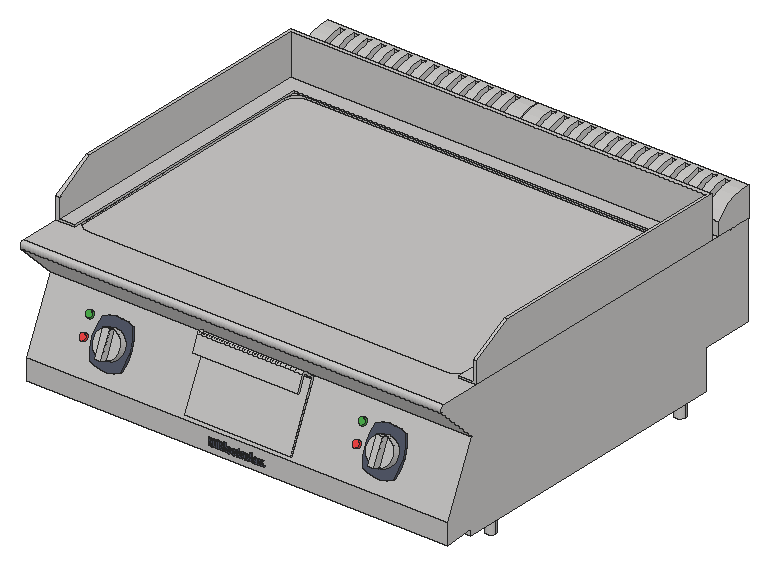
Revit family "QF_ELECTROLUXPROFESSIONAL_371194_E7FTEHCSI0", category Specialty Equipment, Revit 2018
Family settings
  Round Connector Dimension = Use Diameter
  Part Type = Normal
  Work Plane-Based = No
  Always vertical = Yes
  Cut with Voids When Loaded = No
  Shared = No
  Room Calculation Point = No
Parameters
  Width = 800.1 mm  # constant formula
  Weight in Pounds = 154  # constant formula
  Watts = 8400 VA  # 8400 W
  Volts = 400 V  # constant formula
  URL Cutsheet = "www.electrolux.com/foodservice"
  URL = "www.electrolux.com/foodservice"
  Type Mark [instance] = ""
  Status [instance] = ""
  Specification by User [instance] = ""
  Specification by Manufacturer = ""
  Show Logo [instance] = yes
  Show Clearance [instance] = yes
  Serial Number = ""
  Seismic Rating = ""
  SMACNA No = ""
  Revision Code [instance] = ""
  Phase = 3  # constant formula
  Omniclass Number and Title = ""
  Number of Poles [instance] = 1
  NAFEM Spec ID Number = ""
  Model = "371194"
  Min Ckt Ampacity = 0 A
  Max Overcurrent Protection = 0 A
  Masterspec = ""
  Manufacturer = "ELECTROLUX"
  Item Number [instance] = ""
  Installed By [instance] = ""
  Identify Quantity as Lot [instance] = yes
  Height = 355 mm  # constant formula
  HP = "11.3 HP"
  Furnished By [instance] = ""
  Foodservice Equipment Identifier [instance] = yes
  FL Amps = if(Phase = 3, Watts / (Volts * 1.73), Watts / Volts)  # 12.1387 A
  Electrical Remarks [instance] = "400 V/3N ph/50/60 Hz"  # constant formula
  Electric Connection Type [instance] = ""
  Elec Conn RI Height [instance] = 0 mm
  Elec Conn Connection Height [instance] = 0 mm
  Direct Waste Size = 0"
  Description = "700XP Full Module Electricl Fry Top, Smotth Plate, Chromium Plated"
  Depth = 730.25 mm  # constant formula
  Cycle [instance] = if([60 Hertz Option], 60 Hz, 50 Hz)  # 60 Hz
  Conn Plug = ""
  Conn Conduit = yes
  CSI MasterFormat = ""
  CSI Master Format = ""
  Base Height [instance] = 23.813 mm  # constant formula
  Assembly Code = ""
  Apparent Power = if(Phase = 3, Volts * FL Amps * 1.73, Volts * FL Amps)  # 8400 VA
  60 Hertz Option [instance] = not([50 Hertz Option])  # yes
  50 Hertz Option [instance] = no
Reference planes
  plane 1 "BACK": y = 0
  plane 2: z = 0
  plane 3 "LEFT": x = 0
  plane 4 "RIGHT": x = 800.1
  plane 5 "FRONT": y = -730.25
  plane 6 "TOP": z = 288.925
  plane 7 "Center Y": x = 400.05
  plane 8 "Center X": y = -365.125
  plane 9 "BASE": z = 23.813
  plane 10 "TOP A": z = 274.638
  plane 11: y = -597.884
  plane 12: y = -147.637
  plane 13: z = 355
Forms (mm)
  Extrusion 1, solid, material "QF_Finishes_Stainless Steel"
    sketch origin (0, 0, 0) x (0, 1, 0) y (0, 0, 1)
      loop
        line (0, 274.638) -> (-722.844, 274.638)
        arc (-722.844, 274.638) -> (-729.641, 270.096) -> (-728.047, 262.077) r 7.358
        line (-728.047, 262.077) -> (-657.416, 191.447) -> (-713.772, 69.003) -> (-713.772, 30.903) -> (-660.4, 36.513) -> (-660.4, 23.812) -> (-101.6, 23.812) -> (-101.6, 98.425) -> (0, 98.425) -> (0, 274.638)
    from 0 to 800.1
  Extrusion 2, void
    sketch origin (0, -2.381, 274.638) x (-1, 0, 0) y (0, -1, 0)
      loop
        arc (-60.425, 120.504) -> (-42.464, 127.943) -> (-35.025, 145.904) r 25.4
        line (-35.025, 145.904) -> (-35.025, 617.104)
        arc (-35.025, 617.104) -> (-42.464, 635.064) -> (-60.425, 642.504) r 25.4
        line (-60.425, 642.504) -> (-739.675, 642.504)
        arc (-739.675, 642.504) -> (-757.636, 635.064) -> (-765.075, 617.104) r 25.4
        line (-765.075, 617.104) -> (-765.075, 145.904)
        arc (-765.075, 145.904) -> (-757.636, 127.943) -> (-739.675, 120.504) r 25.4
        line (-739.675, 120.504) -> (-60.425, 120.504)
    from 0 to -3.2
  Extrusion 3, solid, material "QF_Finishes_Stainless Steel"
    sketch origin (0, 0, 0) x (1, 0, 0) y (0, 1, 0)
      loop
        circle (11.112, -147.638) r 9.525
      loop
        circle (11.112, -597.884) r 9.525
      loop
        circle (788.987, -147.638) r 9.525
      loop
        circle (788.987, -597.884) r 9.525
    from 0 to 23.813
  Extrusion 4, solid, material "QF_Finishes_Stainless Steel"
    sketch origin (0, -101.6, 101.6) x (0, 0, -1) y (-1, 0, 0)
      loop
        circle (43.882, -749.3) r 12.7
    from 0 to 3.175
  Extrusion 5, solid, material "QF_Finishes_Clearance", visible <- "Show Clearance", detail levels coarse
    sketch origin (0, 0, 0) x (1, 0, 0) y (0, 1, 0)
      loop
        line (0, -730.25) -> (0, 0) -> (800.1, 0) -> (800.1, -730.25) -> (950.119, -730.25) -> (950.119, 150.019) -> (-150.019, 150.019) -> (-150.019, -730.25) -> (0, -730.25)
    from 0 to 355
  Sweep 6, solid, material "QF_Finishes_Stainless Steel"
    path origin (0, -2.381, 274.638) x (-1, 0, 0) y (0, -1, 0)
      loop
        line (-765.075, 642.504) -> (-765.075, 120.504) -> (-35.025, 120.504) -> (-35.025, 642.504)
    profile origin (35.025, -383.885, 274.638) x (1, 0, 0) y (0, 0, 1)
      loop
        line (-35.025, 0) -> (0, 0) -> (0, 3.175) -> (-28.675, 3.175) -> (-28.675, 80.363) -> (-35.025, 80.362) -> (-35.025, 0)
  Extrusion 7, void
    sketch origin (0, -87.86, 274.638) x (0, 1, 0) y (0, 0, 1)
      loop
        line (-557.025, 40.481) -> (-483.995, 80.363) -> (-557.025, 80.363) -> (-557.025, 40.481)
    from 0 to 6.35
  Extrusion 8, void
    sketch origin (800.1, -644.885, 274.638) x (0, -1, 0) y (0, 0, 1)
      loop
        line (0, 40.481) -> (0, 80.362) -> (-73.03, 80.362) -> (0, 40.481)
    from 0 to 6.35
  Extrusion 9, solid, material "QF_Finishes_Stainless Steel"
    sketch origin (400.05, 175.397, 1219.2) x (0, 1, 0) y (0, 0, 1)
      loop
        line (-834.228, -1030.828) -> (-850.635, -1014.422)
        arc (-850.635, -1014.422) -> (-855.102, -1013.019) -> (-858.806, -1015.884) r 5.058
        line (-858.806, -1015.884) -> (-871.468, -1043.394) -> (-868.584, -1044.721) -> (-855.922, -1017.211)
        arc (-855.922, -1017.211) -> (-854.543, -1016.145) -> (-852.88, -1016.667) r 1.883
        line (-852.88, -1016.667) -> (-838.037, -1031.51) -> (-888.871, -1141.955) -> (-885.987, -1143.282) -> (-834.228, -1030.828)
    from 100 to -100
  Extrusion 10, solid, material "QF_Finishes_Drawer Clearance", visible <- "Show Clearance", detail levels coarse
    sketch origin (293.7, -101.6, 0) x (0, 1, 0) y (0, 0, 1)
      loop
        line (-660.751, 174.479) -> (-648.089, 201.989)
        arc (-648.089, 201.989) -> (-646.71, 203.055) -> (-645.046, 202.533) r 1.883
        line (-645.046, 202.533) -> (-630.204, 187.69) -> (-681.037, 77.245) -> (-678.153, 75.918) -> (-608.989, 75.918) -> (-557.231, 188.372) -> (-573.638, 204.778)
        arc (-573.638, 204.778) -> (-574.873, 205.685) -> (-576.323, 206.181) r 5.058
        line (-576.323, 206.181) -> (-647.269, 206.181)
        arc (-647.269, 206.181) -> (-649.472, 205.203) -> (-650.973, 203.316) r 5.058
        line (-650.973, 203.316) -> (-663.635, 175.806) -> (-660.751, 174.479)
    from 6.35 to 206.35
  Extrusion 11, solid, material "QF_Finishes_Navy Blue"
    sketch origin (-399.27, -713.772, 69.003) x (0, 0.418102, 0.9084) y (-1, 0, 0)
      loop
        arc (102.623, -510.47) -> (67.041, -502.846) -> (31.333, -509.853) r 90.5
        arc (31.333, -509.853) -> (24.507, -539.04) -> (31.333, -568.228) r 65.817
        arc (31.333, -568.228) -> (67.04, -575.188) -> (102.623, -567.615) r 91.066
        arc (102.623, -567.615) -> (109.179, -539.043) -> (102.623, -510.47) r 65.546
    from 0 to 3.175
  Extrusion 12, solid, material "QF_Finishes_Stainless Steel"
    sketch origin (-20.52, -717.485, 68.529) x (0, 0.418102, 0.9084) y (-1, 0, 0)
      loop
        circle (68.826, -160.963) r 25.4
    from 0 to 12.7
  Extrusion 13, solid, material "QF_Finishes_Stainless Steel"
    sketch origin (-20.52, -729.022, 73.839) x (0, 0.418102, 0.9084) y (-1, 0, 0)
      loop
        arc (93.558, -166.749) -> (94.226, -160.963) -> (93.558, -155.177) r 25.4
        line (93.558, -155.177) -> (44.094, -155.177)
        arc (44.094, -155.177) -> (43.426, -160.963) -> (44.094, -166.749) r 25.4
        line (44.094, -166.749) -> (93.558, -166.749)
    from 0 to 12.7
  Extrusion 14, solid, material "QF_Finishes_Navy Blue"
    sketch origin (97.744, -713.772, 69.003) x (0, 0.418102, 0.9084) y (-1, 0, 0)
      loop
        arc (102.623, -532.67) -> (67.041, -525.046) -> (31.333, -532.053) r 90.5
        arc (31.333, -532.053) -> (24.507, -561.24) -> (31.333, -590.428) r 65.817
        arc (31.333, -590.428) -> (67.04, -597.388) -> (102.623, -589.815) r 91.066
        arc (102.623, -589.815) -> (109.179, -561.243) -> (102.623, -532.67) r 65.546
    from 0 to 3.175
  Extrusion 15, solid, material "QF_Finishes_Stainless Steel"
    sketch origin (498.994, -717.485, 68.529) x (0, 0.418102, 0.9084) y (-1, 0, 0)
      loop
        circle (68.826, -160.963) r 25.4
    from 0 to 12.7
  Extrusion 16, solid, material "QF_Finishes_Stainless Steel"
    sketch origin (498.994, -729.022, 73.839) x (0, 0.418102, 0.9084) y (-1, 0, 0)
      loop
        arc (93.558, -166.749) -> (94.226, -160.963) -> (93.558, -155.177) r 25.4
        line (93.558, -155.177) -> (44.094, -155.177)
        arc (44.094, -155.177) -> (43.426, -160.963) -> (44.094, -166.749) r 25.4
        line (44.094, -166.749) -> (93.558, -166.749)
    from 0 to 12.7
  Extrusion 17, solid, material "QF_Finishes_Red"
    sketch origin (-380.91, -727.848, 38.421) x (0, 0.418102, 0.9084) y (-1, 0, 0)
      loop
        circle (95.112, -468.698) r 6.35
    from 0 to 3.175
  Extrusion 18, solid, material "QF_Finishes_Red"
    sketch origin (116.104, -727.848, 38.421) x (0, 0.418102, 0.9084) y (-1, 0, 0)
      loop
        circle (95.112, -490.898) r 6.35
    from 0 to 3.175
  Extrusion 19, solid, material "QF_Finishes_Green"
    sketch origin (-380.91, -712.919, 70.857) x (0, 0.418102, 0.9084) y (-1, 0, 0)
      loop
        circle (95.112, -468.698) r 6.35
    from 0 to 3.175
  Extrusion 20, solid, material "QF_Finishes_Green"
    sketch origin (116.104, -712.919, 70.857) x (0, 0.418102, 0.9084) y (-1, 0, 0)
      loop
        circle (95.112, -490.898) r 6.35
    from 0 to 3.175
  Extrusion 21, solid, material "QF_Finishes_Navy Blue", visible <- "Show Logo"
    sketch origin (58.349, -713.772, 35.665) x (0, 0, 1) y (-1, 0, 0)
      loop
        line (20.674, -296.698) -> (8.307, -296.698)
        arc (8.307, -296.698) -> (14.491, -301.27) -> (20.674, -296.698) r 6.467
      loop
        arc (20.674, -296.069) -> (19.505, -290.926) -> (14.849, -288.448) r 6.338
        line (14.849, -288.448) -> (14.849, -290.494)
        arc (14.849, -290.494) -> (16.333, -294.149) -> (19.778, -296.069) r 5.941
        line (19.778, -296.069) -> (20.674, -296.069)
      loop
        arc (9.203, -296.069) -> (12.648, -294.149) -> (14.132, -290.494) r 5.941
        line (14.132, -290.494) -> (14.132, -288.448)
        arc (14.132, -288.448) -> (9.438, -290.922) -> (8.148, -296.069) r 6.504
        line (8.148, -296.069) -> (9.203, -296.069)
      loop
        line (21.349, -287.979) -> (7.604, -287.979) -> (7.604, -301.742) -> (21.349, -301.742) -> (21.349, -287.979)
      loop
        arc (21.432, -304.71) -> (21.085, -304.352) -> (20.718, -304.69) r 0.358
        arc (20.718, -304.69) -> (20.404, -305.44) -> (19.687, -305.825) r 1.216
        line (19.687, -305.825) -> (9.274, -305.825)
        arc (9.274, -305.825) -> (8.614, -305.548) -> (8.218, -304.951) r 1.238
        arc (8.218, -304.951) -> (7.823, -304.7) -> (7.518, -305.054) r 0.358
        line (7.518, -305.054) -> (7.518, -314.933) -> (10.269, -314.933) -> (10.269, -314.036)
        arc (10.269, -314.036) -> (9.36, -313.456) -> (8.904, -312.479) r 1.928
        line (8.904, -312.479) -> (8.904, -309.98)
        arc (8.904, -309.98) -> (9.18, -309.251) -> (9.868, -308.887) r 1.101
        line (9.868, -308.887) -> (13.955, -308.887) -> (13.955, -312.561)
        arc (13.955, -312.561) -> (13.602, -313.058) -> (13.037, -313.286) r 1.083
        arc (13.037, -313.286) -> (12.773, -313.591) -> (13.065, -313.869) r 0.292
        line (13.065, -313.869) -> (16.028, -313.869)
        arc (16.028, -313.869) -> (16.33, -313.596) -> (16.092, -313.266) r 0.305
        arc (16.092, -313.266) -> (15.601, -313.018) -> (15.296, -312.561) r 1.083
        line (15.296, -312.561) -> (15.296, -308.887) -> (19.973, -308.887) -> (19.973, -312.635)
        arc (19.973, -312.635) -> (19.759, -313.39) -> (19.153, -313.888) r 1.314
        arc (19.153, -313.888) -> (18.934, -314.292) -> (19.288, -314.585) r 0.361
        line (19.288, -314.585) -> (21.432, -314.585) -> (21.432, -304.71)
      loop
        arc (20.715, -315.365) -> (20.335, -316.284) -> (19.416, -316.664) r 1.299
        line (19.416, -316.664) -> (9.837, -316.664)
        arc (9.837, -316.664) -> (8.999, -316.286) -> (8.728, -315.408) r 1.118
        line (8.728, -315.408) -> (7.518, -315.408) -> (7.518, -320.758) -> (8.706, -320.758)
        arc (8.706, -320.758) -> (8.978, -319.841) -> (9.848, -319.445) r 1.153
        line (9.848, -319.445) -> (21.92, -319.445) -> (20.715, -315.365)
      loop
        line (12.483, -323.394) -> (12.483, -329.842) -> (13.282, -329.842)
        arc (13.282, -329.842) -> (15.862, -328.857) -> (17.131, -326.404) r 3.874
        line (17.131, -326.404) -> (17.131, -324.643)
        arc (17.131, -324.643) -> (15.944, -321.778) -> (13.08, -320.592) r 4.051
        line (13.08, -320.592) -> (11.072, -320.592)
        arc (11.072, -320.592) -> (8.253, -322.077) -> (7.202, -325.084) r 4.352
        arc (7.202, -325.084) -> (7.566, -327.547) -> (8.943, -329.621) r 5.713
        line (8.943, -329.621) -> (9.892, -329.621)
        arc (9.892, -329.621) -> (9.16, -328.052) -> (8.943, -326.334) r 5.579
        arc (8.943, -326.334) -> (9.737, -324.371) -> (11.616, -323.394) r 3.057
        line (11.616, -323.394) -> (12.483, -323.394)
      loop
        line (13.742, -323.394) -> (13.742, -326.977)
        arc (13.742, -326.977) -> (15.199, -327.024) -> (16.082, -325.864) r 1.59
        line (16.082, -325.864) -> (16.082, -325.034)
        arc (16.082, -325.034) -> (15.217, -323.779) -> (13.742, -323.394) r 2.184
      loop
        arc (16.533, -339.259) -> (17.022, -337.585) -> (17.179, -335.848) r 9.023
        line (17.179, -335.848) -> (17.179, -334.486)
        arc (17.179, -334.486) -> (16.02, -331.686) -> (13.22, -330.527) r 3.959
        line (13.22, -330.527) -> (10.62, -330.527)
        arc (10.62, -330.527) -> (8.338, -331.819) -> (7.221, -334.192) r 4.331
        line (7.221, -334.192) -> (7.221, -336.327)
        arc (7.221, -336.327) -> (7.729, -337.877) -> (8.651, -339.223) r 5.772
        arc (8.651, -339.223) -> (9.412, -339.274) -> (9.499, -338.515) r 0.553
        arc (9.499, -338.515) -> (9.111, -337.781) -> (8.977, -336.962) r 2.573
        line (8.977, -336.962) -> (8.977, -335.447)
        arc (8.977, -335.447) -> (9.983, -333.806) -> (11.798, -333.163) r 2.884
        line (11.798, -333.163) -> (13.077, -333.163)
        arc (13.077, -333.163) -> (14.898, -333.723) -> (15.824, -335.388) r 2.554
        line (15.824, -335.388) -> (15.824, -336.441)
        arc (15.824, -336.441) -> (15.493, -337.369) -> (14.836, -338.104) r 2.564
        arc (14.836, -338.104) -> (14.614, -338.821) -> (15.223, -339.259) r 0.643
        line (15.223, -339.259) -> (16.533, -339.259)
      loop
        line (15.515, -339.53) -> (15.515, -341.031) -> (9.467, -341.031)
        arc (9.467, -341.031) -> (7.879, -341.688) -> (7.221, -343.276) r 2.246
        line (7.221, -343.276) -> (7.221, -344.86)
        arc (7.221, -344.86) -> (7.535, -345.725) -> (8.035, -346.496) r 4.06
        arc (8.035, -346.496) -> (8.768, -346.629) -> (9.019, -345.928) r 0.576
        arc (9.019, -345.928) -> (8.913, -345.403) -> (8.977, -344.87) r 1.69
        arc (8.977, -344.87) -> (9.519, -344.082) -> (10.425, -343.779) r 1.506
        line (10.425, -343.779) -> (15.563, -343.779) -> (15.563, -346.176) -> (16.119, -346.733) -> (16.941, -346.733) -> (16.941, -343.873) -> (20.172, -343.873) -> (15.515, -339.53)
      loop
        line (7.438, -347.63) -> (7.438, -353.017) -> (8.548, -353.017)
        arc (8.548, -353.017) -> (8.942, -352.066) -> (9.893, -351.672) r 1.345
        line (9.893, -351.672) -> (13.509, -351.672)
        arc (13.509, -351.672) -> (14.274, -352.264) -> (14.564, -353.186) r 1.615
        line (14.564, -353.186) -> (14.564, -354.742) -> (17.119, -355.427) -> (17.119, -354.044) -> (15.177, -351.485) -> (17.057, -351.485) -> (16.773, -348.779)
        arc (16.773, -348.779) -> (16.333, -348.249) -> (15.674, -348.45) r 0.621
        arc (15.674, -348.45) -> (15.274, -348.792) -> (14.78, -348.975) r 1.501
        line (14.78, -348.975) -> (9.893, -348.975)
        arc (9.893, -348.975) -> (8.942, -348.581) -> (8.548, -347.63) r 1.345
        line (8.548, -347.63) -> (7.438, -347.63)
      loop
        line (13.54, -354.964) -> (10.848, -354.964)
        arc (10.848, -354.964) -> (8.403, -356.272) -> (7.269, -358.803) r 4.288
        arc (7.269, -358.803) -> (7.205, -360.183) -> (7.269, -361.563) r 15.022
        arc (7.269, -361.563) -> (8.403, -364.094) -> (10.848, -365.401) r 4.288
        line (10.848, -365.401) -> (13.54, -365.401)
        arc (13.54, -365.401) -> (15.986, -364.094) -> (17.119, -361.563) r 4.288
        arc (17.119, -361.563) -> (17.183, -360.183) -> (17.119, -358.803) r 15.022
        arc (17.119, -358.803) -> (15.986, -356.272) -> (13.54, -354.964) r 4.288
      loop
        line (13.745, -358.078) -> (10.643, -358.078)
        arc (10.643, -358.078) -> (8.486, -360.235) -> (10.643, -362.392) r 2.157
        line (10.643, -362.392) -> (13.745, -362.392)
        arc (13.745, -362.392) -> (15.902, -360.235) -> (13.745, -358.078) r 2.157
      loop
        arc (20.726, -365.26) -> (20.355, -366.154) -> (19.461, -366.524) r 1.264
        line (19.461, -366.524) -> (9.597, -366.524)
        arc (9.597, -366.524) -> (8.727, -366.127) -> (8.455, -365.211) r 1.153
        line (8.455, -365.211) -> (7.518, -365.211) -> (7.518, -370.319) -> (8.446, -370.319)
        arc (8.446, -370.319) -> (8.805, -369.547) -> (9.597, -369.232) r 1.153
        line (9.597, -369.232) -> (21.92, -369.232) -> (20.726, -365.26)
      loop
        arc (15.846, -369.857) -> (15.647, -370.921) -> (14.678, -371.403) r 1.215
        line (14.678, -371.403) -> (9.658, -371.403)
        arc (9.658, -371.403) -> (8.043, -372.051) -> (7.322, -373.634) r 2.338
        line (7.322, -373.634) -> (7.322, -375.148)
        arc (7.322, -375.148) -> (7.497, -376.152) -> (7.999, -377.038) r 2.979
        line (7.999, -377.038) -> (7.518, -378.835) -> (7.518, -380.524) -> (16.943, -380.524) -> (16.649, -376.32) -> (15.863, -376.32)
        arc (15.863, -376.32) -> (15.507, -377.156) -> (14.755, -377.665) r 1.605
        line (14.755, -377.665) -> (9.652, -377.665)
        arc (9.652, -377.665) -> (9.232, -376.728) -> (9.159, -375.704) r 2.94
        arc (9.159, -375.704) -> (9.72, -374.603) -> (10.873, -374.16) r 1.724
        line (10.873, -374.16) -> (17.07, -374.16) -> (15.846, -369.857)
      loop
        line (16.874, -381.377) -> (15.202, -383.423) -> (12.028, -385.729) -> (8.572, -382.617)
        arc (8.572, -382.617) -> (8.335, -382.223) -> (8.357, -381.764) r 0.789
        line (8.357, -381.764) -> (7.518, -381.764) -> (7.518, -385.309) -> (8.344, -385.309)
        arc (8.344, -385.309) -> (8.686, -384.947) -> (9.176, -385.039) r 0.52
        line (9.176, -385.039) -> (10.976, -386.51) -> (8.858, -387.886)
        arc (8.858, -387.886) -> (8.457, -387.576) -> (8.37, -387.076) r 0.7
        line (8.37, -387.076) -> (7.518, -387.076) -> (7.518, -393.003) -> (8.405, -393.003)
        arc (8.405, -393.003) -> (8.472, -392.344) -> (8.866, -391.813) r 1.247
        line (8.866, -391.813) -> (13.066, -388.532) -> (15.513, -390.585) -> (16.874, -392.327) -> (16.874, -388.604) -> (15.389, -389.026) -> (13.868, -387.749) -> (15.568, -386.559) -> (16.874, -387.336) -> (16.874, -381.377)
    from 0 to 1.644
  Extrusion 22, solid, material "QF_Finishes_Stainless Steel"
    sketch origin (0, 0, 0) x (0, 1, 0) y (0, 0, 1)
      loop
        line (0, 274.638) -> (0, 331.738)
        arc (0, 331.738) -> (-38.857, 324.552) -> (-69.85, 300.038) r 82.056
        line (-69.85, 300.038) -> (-69.85, 274.638) -> (0, 274.638)
    from 0 to 400.05
  Extrusion 23, void
    sketch origin (0, 0, 274.638) x (0, -1, 0) y (1, 0, 0)
      loop
        line (6.761, 29.703) -> (63.911, 29.703) -> (63.911, 38.999) -> (6.761, 38.999) -> (6.761, 29.703)
      loop
        line (63.911, 64.487) -> (6.761, 64.487) -> (6.761, 55.191) -> (63.911, 55.191) -> (63.911, 64.487)
      loop
        line (63.911, 89.975) -> (6.761, 89.975) -> (6.761, 80.68) -> (63.911, 80.68) -> (63.911, 89.975)
      loop
        line (63.911, 115.464) -> (6.761, 115.464) -> (6.761, 106.168) -> (63.911, 106.168) -> (63.911, 115.464)
      loop
        line (63.911, 140.952) -> (6.761, 140.952) -> (6.761, 131.656) -> (63.911, 131.656) -> (63.911, 140.952)
      loop
        line (63.911, 166.44) -> (6.761, 166.44) -> (6.761, 157.145) -> (63.911, 157.145) -> (63.911, 166.44)
      loop
        line (63.911, 191.929) -> (6.761, 191.929) -> (6.761, 182.633) -> (63.911, 182.633) -> (63.911, 191.929)
      loop
        line (63.911, 217.417) -> (6.761, 217.417) -> (6.761, 208.121) -> (63.911, 208.121) -> (63.911, 217.417)
      loop
        line (63.911, 242.905) -> (6.761, 242.905) -> (6.761, 233.61) -> (63.911, 233.61) -> (63.911, 242.905)
      loop
        line (63.911, 268.394) -> (6.761, 268.394) -> (6.761, 259.098) -> (63.911, 259.098) -> (63.911, 268.394)
      loop
        line (63.911, 293.882) -> (6.761, 293.882) -> (6.761, 284.586) -> (63.911, 284.586) -> (63.911, 293.882)
      loop
        line (63.911, 319.37) -> (6.761, 319.37) -> (6.761, 310.075) -> (63.911, 310.075) -> (63.911, 319.37)
      loop
        line (63.911, 344.859) -> (6.761, 344.859) -> (6.761, 335.563) -> (63.911, 335.563) -> (63.911, 344.859)
      loop
        line (63.911, 370.347) -> (6.761, 370.347) -> (6.761, 361.051) -> (63.911, 361.051) -> (63.911, 370.347)
    from 25.4 to 63.5
  Extrusion 24, solid, material "QF_Finishes_Stainless Steel"
    sketch origin (400.05, 0, 0) x (0, 1, 0) y (0, 0, 1)
      loop
        line (0, 274.638) -> (0, 331.738)
        arc (0, 331.738) -> (-38.857, 324.552) -> (-69.85, 300.038) r 82.056
        line (-69.85, 300.038) -> (-69.85, 274.638) -> (0, 274.638)
    from 0 to 400.05
  Extrusion 25, void
    sketch origin (400.05, 0, 274.638) x (0, -1, 0) y (1, 0, 0)
      loop
        line (6.761, 29.703) -> (63.911, 29.703) -> (63.911, 38.999) -> (6.761, 38.999) -> (6.761, 29.703)
      loop
        line (63.911, 64.487) -> (6.761, 64.487) -> (6.761, 55.191) -> (63.911, 55.191) -> (63.911, 64.487)
      loop
        line (63.911, 89.975) -> (6.761, 89.975) -> (6.761, 80.68) -> (63.911, 80.68) -> (63.911, 89.975)
      loop
        line (63.911, 115.464) -> (6.761, 115.464) -> (6.761, 106.168) -> (63.911, 106.168) -> (63.911, 115.464)
      loop
        line (63.911, 140.952) -> (6.761, 140.952) -> (6.761, 131.656) -> (63.911, 131.656) -> (63.911, 140.952)
      loop
        line (63.911, 166.44) -> (6.761, 166.44) -> (6.761, 157.145) -> (63.911, 157.145) -> (63.911, 166.44)
      loop
        line (63.911, 191.929) -> (6.761, 191.929) -> (6.761, 182.633) -> (63.911, 182.633) -> (63.911, 191.929)
      loop
        line (63.911, 217.417) -> (6.761, 217.417) -> (6.761, 208.121) -> (63.911, 208.121) -> (63.911, 217.417)
      loop
        line (63.911, 242.905) -> (6.761, 242.905) -> (6.761, 233.61) -> (63.911, 233.61) -> (63.911, 242.905)
      loop
        line (63.911, 268.394) -> (6.761, 268.394) -> (6.761, 259.098) -> (63.911, 259.098) -> (63.911, 268.394)
      loop
        line (63.911, 293.882) -> (6.761, 293.882) -> (6.761, 284.586) -> (63.911, 284.586) -> (63.911, 293.882)
      loop
        line (63.911, 319.37) -> (6.761, 319.37) -> (6.761, 310.075) -> (63.911, 310.075) -> (63.911, 319.37)
      loop
        line (63.911, 344.859) -> (6.761, 344.859) -> (6.761, 335.563) -> (63.911, 335.563) -> (63.911, 344.859)
      loop
        line (63.911, 370.347) -> (6.761, 370.347) -> (6.761, 361.051) -> (63.911, 361.051) -> (63.911, 370.347)
    from 25.4 to 63.5
Cuts and joins
  Extrusion 2 cuts Extrusion 1
  Extrusion 7, Extrusion 8 cuts Sweep 6
  Extrusion 23 cuts Extrusion 22
  Extrusion 25 cuts Extrusion 24
Lines and regions (mm)
  symbolic lines, style "QF-Clearances", visible <- "Show Clearance", detail levels coarse
    curve 1: line (-150.019, 150.019, 274.638) -> (-150.019, -730.25, 274.638)
    curve 2: line (950.119, 150.019, 274.638) -> (-150.019, 150.019, 274.638)
    curve 3: line (950.119, -730.25, 274.638) -> (950.119, 150.019, 274.638)
  symbolic lines
    curve 4: line (0, 0, 274.638) -> (800.1, 0, 274.638)
    curve 5: line (0, -730.25, 274.638) -> (0, 0, 274.638)
    curve 6: line (800.1, 0, 274.638) -> (800.1, -730.25, 274.638)
    curve 7: line (35.025, -122.885, 274.638) -> (35.025, -644.885, 274.638)
    curve 8: arc (35.025, -619.485, 274.638) -> (42.464, -637.445, 274.638) -> (60.425, -644.885, 274.638) r 25.4
    curve 9: line (0, -644.885, 274.638) -> (35.025, -644.885, 274.638)
    curve 10: arc (739.675, -644.885, 274.638) -> (757.636, -637.445, 274.638) -> (765.075, -619.485, 274.638) r 25.4
    curve 11: line (765.075, -644.885, 274.638) -> (765.075, -122.885, 274.638)
    curve 12: line (765.075, -122.885, 274.638) -> (35.025, -122.885, 274.638)
    curve 13: line (0, -69.85, 274.638) -> (800.1, -69.85, 274.638)
    curve 14: line (800.1, -730.25, 274.638) -> (0, -730.25, 274.638)
    curve 15: arc (60.425, -122.885, 274.638) -> (42.464, -130.324, 274.638) -> (35.025, -148.285, 274.638) r 25.4
    curve 16: arc (738.654, -122.885, 274.638) -> (757.336, -130.623, 274.638) -> (765.075, -149.306, 274.638) r 26.421
    curve 17: line (6.35, -94.21, 274.638) -> (6.35, -644.885, 274.638)
    curve 18: line (6.35, -94.21, 274.638) -> (793.75, -94.21, 274.638)
    curve 19: line (793.75, -94.21, 274.638) -> (793.75, -644.885, 274.638)
    curve 20: line (765.075, -644.885, 274.638) -> (800.1, -644.885, 274.638)
    curve 21: line (60.425, -644.885, 274.638) -> (739.675, -644.885, 274.638)
    curve 25: line (29.703, -6.761, 0) -> (38.999, -6.761, 0)
    curve 26: line (29.703, -63.911, 0) -> (29.703, -6.761, 0)
    curve 27: line (38.999, -63.911, 0) -> (29.703, -63.911, 0)
    curve 28: line (38.999, -6.761, 0) -> (38.999, -63.911, 0)
    curve 29: line (55.191, -6.761, 0) -> (64.487, -6.761, 0)
    curve 30: line (55.191, -63.911, 0) -> (55.191, -6.761, 0)
    curve 31: line (64.487, -63.911, 0) -> (55.191, -63.911, 0)
    curve 32: line (64.487, -6.761, 0) -> (64.487, -63.911, 0)
    curve 33: line (80.68, -6.761, 0) -> (89.975, -6.761, 0)
    curve 34: line (80.68, -63.911, 0) -> (80.68, -6.761, 0)
    curve 35: line (89.975, -63.911, 0) -> (80.68, -63.911, 0)
    curve 36: line (89.975, -6.761, 0) -> (89.975, -63.911, 0)
    curve 37: line (106.168, -6.761, 0) -> (115.464, -6.761, 0)
    curve 38: line (106.168, -63.911, 0) -> (106.168, -6.761, 0)
    curve 39: line (115.464, -63.911, 0) -> (106.168, -63.911, 0)
    curve 40: line (115.464, -6.761, 0) -> (115.464, -63.911, 0)
    curve 41: line (131.656, -6.761, 0) -> (140.952, -6.761, 0)
    curve 42: line (131.656, -63.911, 0) -> (131.656, -6.761, 0)
    curve 43: line (140.952, -63.911, 0) -> (131.656, -63.911, 0)
    curve 44: line (140.952, -6.761, 0) -> (140.952, -63.911, 0)
    curve 45: line (157.145, -6.761, 0) -> (166.44, -6.761, 0)
    curve 46: line (157.145, -63.911, 0) -> (157.145, -6.761, 0)
    curve 47: line (166.44, -63.911, 0) -> (157.145, -63.911, 0)
    curve 48: line (166.44, -6.761, 0) -> (166.44, -63.911, 0)
    curve 49: line (182.633, -6.761, 0) -> (191.929, -6.761, 0)
    curve 50: line (182.633, -63.911, 0) -> (182.633, -6.761, 0)
    curve 51: line (191.929, -63.911, 0) -> (182.633, -63.911, 0)
    curve 52: line (191.929, -6.761, 0) -> (191.929, -63.911, 0)
    curve 53: line (208.121, -6.761, 0) -> (217.417, -6.761, 0)
    curve 54: line (208.121, -63.911, 0) -> (208.121, -6.761, 0)
    curve 55: line (217.417, -63.911, 0) -> (208.121, -63.911, 0)
    curve 56: line (217.417, -6.761, 0) -> (217.417, -63.911, 0)
    curve 57: line (233.61, -6.761, 0) -> (242.905, -6.761, 0)
    curve 58: line (233.61, -63.911, 0) -> (233.61, -6.761, 0)
    curve 59: line (242.905, -63.911, 0) -> (233.61, -63.911, 0)
    curve 60: line (242.905, -6.761, 0) -> (242.905, -63.911, 0)
    curve 61: line (259.098, -6.761, 0) -> (268.394, -6.761, 0)
    curve 62: line (259.098, -63.911, 0) -> (259.098, -6.761, 0)
    curve 63: line (268.394, -63.911, 0) -> (259.098, -63.911, 0)
    curve 64: line (268.394, -6.761, 0) -> (268.394, -63.911, 0)
    curve 65: line (284.586, -6.761, 0) -> (293.882, -6.761, 0)
    curve 66: line (284.586, -63.911, 0) -> (284.586, -6.761, 0)
    curve 67: line (293.882, -63.911, 0) -> (284.586, -63.911, 0)
    curve 68: line (293.882, -6.761, 0) -> (293.882, -63.911, 0)
    curve 69: line (310.075, -6.761, 0) -> (319.37, -6.761, 0)
    curve 70: line (310.075, -63.911, 0) -> (310.075, -6.761, 0)
    curve 71: line (319.37, -63.911, 0) -> (310.075, -63.911, 0)
    curve 72: line (319.37, -6.761, 0) -> (319.37, -63.911, 0)
    curve 73: line (335.563, -6.761, 0) -> (344.859, -6.761, 0)
    curve 74: line (335.563, -63.911, 0) -> (335.563, -6.761, 0)
    curve 75: line (344.859, -63.911, 0) -> (335.563, -63.911, 0)
    curve 76: line (344.859, -6.761, 0) -> (344.859, -63.911, 0)
    curve 77: line (361.051, -6.761, 0) -> (370.347, -6.761, 0)
    curve 78: line (361.051, -63.911, 0) -> (361.051, -6.761, 0)
    curve 79: line (370.347, -63.911, 0) -> (361.051, -63.911, 0)
    curve 80: line (370.347, -6.761, 0) -> (370.347, -63.911, 0)
    curve 81: line (400.05, 0, 0) -> (400.05, -69.85, 0)
    curve 82: line (770.397, -6.761, 0) -> (761.101, -6.761, 0)
    curve 83: line (770.397, -63.911, 0) -> (770.397, -6.761, 0)
    curve 84: line (761.101, -63.911, 0) -> (770.397, -63.911, 0)
    curve 85: line (761.101, -6.761, 0) -> (761.101, -63.911, 0)
    curve 86: line (744.909, -6.761, 0) -> (735.613, -6.761, 0)
    curve 87: line (744.909, -63.911, 0) -> (744.909, -6.761, 0)
    curve 88: line (735.613, -63.911, 0) -> (744.909, -63.911, 0)
    curve 89: line (735.613, -6.761, 0) -> (735.613, -63.911, 0)
    curve 90: line (719.42, -6.761, 0) -> (710.125, -6.761, 0)
    curve 91: line (719.42, -63.911, 0) -> (719.42, -6.761, 0)
    curve 92: line (710.125, -63.911, 0) -> (719.42, -63.911, 0)
    curve 93: line (710.125, -6.761, 0) -> (710.125, -63.911, 0)
    curve 94: line (693.932, -6.761, 0) -> (684.636, -6.761, 0)
    curve 95: line (693.932, -63.911, 0) -> (693.932, -6.761, 0)
    curve 96: line (684.636, -63.911, 0) -> (693.932, -63.911, 0)
    curve 97: line (684.636, -6.761, 0) -> (684.636, -63.911, 0)
    curve 98: line (668.444, -6.761, 0) -> (659.148, -6.761, 0)
    curve 99: line (668.444, -63.911, 0) -> (668.444, -6.761, 0)
    curve 100: line (659.148, -63.911, 0) -> (668.444, -63.911, 0)
    curve 101: line (659.148, -6.761, 0) -> (659.148, -63.911, 0)
    curve 102: line (642.955, -6.761, 0) -> (633.66, -6.761, 0)
    curve 103: line (642.955, -63.911, 0) -> (642.955, -6.761, 0)
    curve 104: line (633.66, -63.911, 0) -> (642.955, -63.911, 0)
    curve 105: line (633.66, -6.761, 0) -> (633.66, -63.911, 0)
    curve 106: line (617.467, -6.761, 0) -> (608.171, -6.761, 0)
    curve 107: line (617.467, -63.911, 0) -> (617.467, -6.761, 0)
    curve 108: line (608.171, -63.911, 0) -> (617.467, -63.911, 0)
    curve 109: line (608.171, -6.761, 0) -> (608.171, -63.911, 0)
    curve 110: line (591.979, -6.761, 0) -> (582.683, -6.761, 0)
    curve 111: line (591.979, -63.911, 0) -> (591.979, -6.761, 0)
    curve 112: line (582.683, -63.911, 0) -> (591.979, -63.911, 0)
    curve 113: line (582.683, -6.761, 0) -> (582.683, -63.911, 0)
    curve 114: line (566.49, -6.761, 0) -> (557.195, -6.761, 0)
    curve 115: line (566.49, -63.911, 0) -> (566.49, -6.761, 0)
    curve 116: line (557.195, -63.911, 0) -> (566.49, -63.911, 0)
    curve 117: line (557.195, -6.761, 0) -> (557.195, -63.911, 0)
    curve 118: line (541.002, -6.761, 0) -> (531.706, -6.761, 0)
    curve 119: line (541.002, -63.911, 0) -> (541.002, -6.761, 0)
    curve 120: line (531.706, -63.911, 0) -> (541.002, -63.911, 0)
    curve 121: line (531.706, -6.761, 0) -> (531.706, -63.911, 0)
    curve 122: line (515.514, -6.761, 0) -> (506.218, -6.761, 0)
    curve 123: line (515.514, -63.911, 0) -> (515.514, -6.761, 0)
    curve 124: line (506.218, -63.911, 0) -> (515.514, -63.911, 0)
    curve 125: line (506.218, -6.761, 0) -> (506.218, -63.911, 0)
    curve 126: line (490.025, -6.761, 0) -> (480.73, -6.761, 0)
    curve 127: line (490.025, -63.911, 0) -> (490.025, -6.761, 0)
    curve 128: line (480.73, -63.911, 0) -> (490.025, -63.911, 0)
    curve 129: line (480.73, -6.761, 0) -> (480.73, -63.911, 0)
    curve 130: line (464.537, -6.761, 0) -> (455.241, -6.761, 0)
    curve 131: line (464.537, -63.911, 0) -> (464.537, -6.761, 0)
    curve 132: line (455.241, -63.911, 0) -> (464.537, -63.911, 0)
    curve 133: line (455.241, -6.761, 0) -> (455.241, -63.911, 0)
    curve 134: line (439.049, -6.761, 0) -> (429.753, -6.761, 0)
    curve 135: line (439.049, -63.911, 0) -> (439.049, -6.761, 0)
    curve 136: line (429.753, -63.911, 0) -> (439.049, -63.911, 0)
    curve 137: line (429.753, -6.761, 0) -> (429.753, -63.911, 0)
    curve 138: line (800.1, -87.86, 0) -> (0, -87.86, 0)
  symbolic lines, style "QF_Drawer Clearance", visible <- "Show Clearance", detail levels coarse
    curve 22: line (300.05, -782.637, 0) -> (300.05, -730.25, 0)
    curve 23: line (300.05, -782.637, 0) -> (500.05, -782.637, 0)
    curve 24: line (500.05, -782.637, 0) -> (500.05, -730.25, 0)
Dimensions and locks
  equal spacing: plane 3 "LEFT", plane 7 "Center Y", plane 4 "RIGHT"
  "Width": plane 3 "LEFT" to plane 4 "RIGHT"
  equal spacing: plane 5 "FRONT", plane 8 "Center X", plane 1 "BACK"
  "Depth": plane 5 "FRONT" to plane 1 "BACK"
  plane 1 "BACK" to plane 5 "FRONT" = 730.25 mm
  "Base Height": plane 9 "BASE" to level
  locked: plane 10 "TOP A" to plane 9 "BASE" at 250.825
  plane 4 "RIGHT" to Extrusion 4 sketch curve = 50.8 mm
  Sweep 6 sketch curve to level = 355 mm
  plane 10 "TOP A" to plane 9 "BASE" = 250.825 mm
  plane 9 "BASE" to level = 23.813 mm
  "Height": plane 13 to level
  aligned and locked: level to plane 2
  aligned and locked: plane 4 "RIGHT" to Extrusion 1
  aligned and locked: Extrusion 3 to plane 9 "BASE"
  aligned: plane 6 "TOP" to Extrusion 5
Automatic sketch dimensions
  Extrusion 13 sketch curve to Extrusion 13 sketch curve = 24.732 mm
  Extrusion 13 sketch curve to Extrusion 13 sketch curve = 0 mm
  Extrusion 16 sketch curve to Extrusion 16 sketch curve = 24.732 mm
  Extrusion 16 sketch curve to Extrusion 16 sketch curve = 0 mm
  plane 1 "BACK" to Extrusion 25 sketch curve = 6.761 mm  (x14)
  Extrusion 25 sketch curve to Extrusion 25 sketch curve = 57.15 mm
  Extrusion 25 sketch curve to Extrusion 25 sketch curve = 0 mm  (x13)
  plane 7 "Center Y" to Extrusion 25 sketch curve = 29.703 mm
  Extrusion 25 sketch curve to Extrusion 25 sketch curve = 9.296 mm  (x14)
  Extrusion 25 sketch curve to Extrusion 25 sketch curve = 16.193 mm  (x13)
  Extrusion 22 sketch curve to plane 10 "TOP A" = 0 mm
  Extrusion 22 sketch curve to plane 1 "BACK" = 0 mm
  plane 1 "BACK" to Extrusion 22 sketch curve = 4.947 mm
  plane 6 "TOP" to Extrusion 22 sketch curve = 11.113 mm
  plane 1 "BACK" to Extrusion 22 sketch curve = 69.85 mm
  Extrusion 22 sketch curve to plane 10 "TOP A" = 24.807 mm
  Extrusion 24 sketch curve to plane 10 "TOP A" = 0 mm
  Extrusion 24 sketch curve to plane 1 "BACK" = 0 mm
  plane 1 "BACK" to Extrusion 24 sketch curve = 4.947 mm
  plane 6 "TOP" to Extrusion 24 sketch curve = 11.113 mm
  plane 1 "BACK" to Extrusion 24 sketch curve = 69.85 mm
  Extrusion 24 sketch curve to plane 10 "TOP A" = 24.807 mm
  plane 5 "FRONT" to curve 22 = 0 mm
  plane 1 "BACK" to curve 81 = 0 mm
  curve 81 to plane 7 "Center Y" = 0 mm
  plane 5 "FRONT" to curve 24 = 0 mm
  curve 79 to plane 7 "Center Y" = 29.703 mm
  curve 78 to curve 77 = 9.296 mm
  plane 1 "BACK" to curve 73 = 6.761 mm
  curve 73 to curve 77 = 16.193 mm
  curve 74 to curve 75 = 9.296 mm
  curve 72 to curve 74 = 16.193 mm
  curve 70 to curve 71 = 9.296 mm
  curve 22 to plane 7 "Center Y" = 100 mm
  curve 67 to curve 70 = 16.193 mm
  curve 66 to curve 67 = 9.296 mm
  curve 63 to curve 66 = 16.193 mm
  curve 63 to curve 63 = 9.296 mm
  curve 59 to curve 62 = 16.193 mm
  curve 58 to curve 57 = 9.296 mm
  plane 1 "BACK" to curve 53 = 6.761 mm
  curve 53 to curve 57 = 16.193 mm
  curve 53 to curve 53 = 9.296 mm
  curve 52 to curve 54 = 16.193 mm
  curve 51 to curve 51 = 9.296 mm
  plane 1 "BACK" to curve 48 = 6.761 mm
  curve 48 to curve 49 = 16.193 mm
  curve 47 to curve 47 = 9.296 mm
  plane 1 "BACK" to curve 41 = 6.761 mm
  curve 41 to curve 45 = 16.193 mm
  curve 41 to curve 41 = 9.296 mm
  curve 39 to curve 42 = 16.193 mm
  curve 39 to curve 39 = 9.296 mm
  plane 1 "BACK" to curve 33 = 6.761 mm
  curve 33 to curve 37 = 16.193 mm
  curve 34 to curve 35 = 9.296 mm
  plane 1 "BACK" to curve 32 = 6.761 mm
  curve 32 to curve 33 = 16.193 mm
  curve 31 to curve 31 = 9.296 mm
  curve 27 to curve 30 = 16.193 mm
  curve 27 to curve 27 = 9.296 mm
  plane 1 "BACK" to curve 134 = 6.761 mm
  plane 7 "Center Y" to curve 134 = 29.703 mm
  curve 136 to curve 136 = 9.296 mm
  curve 135 to curve 132 = 16.193 mm
  curve 132 to curve 132 = 9.296 mm
  plane 1 "BACK" to curve 126 = 6.761 mm
  curve 130 to curve 126 = 16.193 mm
  curve 128 to curve 128 = 9.296 mm
  plane 7 "Center Y" to curve 23 = 100 mm
  curve 127 to curve 125 = 16.193 mm
  curve 124 to curve 124 = 9.296 mm
  curve 123 to curve 121 = 16.193 mm
  curve 118 to curve 119 = 9.296 mm
  curve 119 to curve 116 = 16.193 mm
  curve 114 to curve 115 = 9.296 mm
  curve 115 to curve 112 = 16.193 mm
  curve 112 to curve 112 = 9.296 mm
  plane 1 "BACK" to curve 106 = 6.761 mm
  curve 110 to curve 106 = 16.193 mm
  curve 106 to curve 107 = 9.296 mm
  curve 107 to curve 105 = 16.193 mm
  curve 102 to curve 103 = 9.296 mm
  curve 103 to curve 100 = 16.193 mm
  curve 98 to curve 99 = 9.296 mm
  plane 1 "BACK" to curve 94 = 6.761 mm
  curve 98 to curve 94 = 16.193 mm
  curve 94 to curve 95 = 9.296 mm
  plane 1 "BACK" to curve 93 = 6.761 mm
  curve 94 to curve 93 = 16.193 mm
  curve 92 to curve 91 = 9.296 mm
  plane 1 "BACK" to curve 89 = 6.761 mm
  curve 90 to curve 89 = 16.193 mm
  curve 86 to curve 87 = 9.296 mm
  curve 87 to curve 85 = 16.193 mm
  curve 84 to curve 84 = 9.296 mm
  curve 22 to curve 22 = 52.387 mm
  curve 81 to curve 134 = 63.089 mm
  curve 81 to curve 136 = 5.939 mm
  curve 26 to curve 29 = 57.15 mm
  curve 135 to curve 133 = 0 mm
  curve 27 to curve 30 = 0 mm
  curve 131 to curve 129 = 0 mm
  curve 31 to curve 34 = 0 mm
  curve 127 to curve 125 = 0 mm
  curve 35 to curve 38 = 0 mm
  curve 123 to curve 121 = 0 mm
  curve 39 to curve 42 = 0 mm
  curve 119 to curve 117 = 0 mm
  curve 43 to curve 46 = 0 mm
  curve 115 to curve 113 = 0 mm
  curve 47 to curve 50 = 0 mm
  curve 111 to curve 109 = 0 mm
  curve 51 to curve 54 = 0 mm
  curve 107 to curve 105 = 0 mm
  curve 55 to curve 58 = 0 mm
  curve 103 to curve 101 = 0 mm
  curve 59 to curve 62 = 0 mm
  curve 99 to curve 97 = 0 mm
  curve 63 to curve 66 = 0 mm
  curve 95 to curve 93 = 0 mm
  curve 67 to curve 70 = 0 mm
  curve 91 to curve 89 = 0 mm
  curve 71 to curve 74 = 0 mm
  curve 87 to curve 85 = 0 mm
  curve 75 to curve 78 = 0 mm
  plane 1 "BACK" to curve 52 = 6.761 mm
  plane 1 "BACK" to curve 82 = 6.761 mm
  plane 1 "BACK" to curve 78 = 6.761 mm
  plane 1 "BACK" to curve 72 = 6.761 mm
  plane 1 "BACK" to curve 68 = 6.761 mm
  plane 1 "BACK" to curve 64 = 6.761 mm
  plane 1 "BACK" to curve 98 = 6.761 mm
  plane 1 "BACK" to curve 60 = 6.761 mm
  plane 1 "BACK" to curve 102 = 6.761 mm
  plane 1 "BACK" to curve 110 = 6.761 mm
  plane 1 "BACK" to curve 114 = 6.761 mm
  plane 1 "BACK" to curve 118 = 6.761 mm
  plane 1 "BACK" to curve 40 = 6.761 mm
  plane 1 "BACK" to curve 122 = 6.761 mm
  plane 1 "BACK" to curve 130 = 6.761 mm
  plane 1 "BACK" to curve 28 = 6.761 mm
  Extrusion 1 sketch curve to plane 10 "TOP A" = 0 mm
  Extrusion 1 sketch curve to plane 9 "BASE" = 0 mm
  Extrusion 1 sketch curve to plane 1 "BACK" = 0 mm
  Extrusion 1 sketch curve to plane 12 = 46.038 mm
  plane 11 to Extrusion 1 sketch curve = 59.531 mm
  plane 9 "BASE" to Extrusion 1 sketch curve = 12.7 mm
  plane 11 to Extrusion 1 sketch curve = 62.516 mm
  Extrusion 1 sketch curve to plane 5 "FRONT" = 16.478 mm
  Extrusion 1 sketch curve to plane 5 "FRONT" = 7.406 mm
  Extrusion 1 sketch curve to plane 5 "FRONT" = 2.203 mm
  plane 9 "BASE" to Extrusion 1 sketch curve = 7.09 mm
  Extrusion 1 sketch curve to Extrusion 1 sketch curve = 38.1 mm
  plane 9 "BASE" to Extrusion 1 sketch curve = 74.612 mm
  Extrusion 1 sketch curve to plane 10 "TOP A" = 83.191 mm
  Extrusion 1 sketch curve to plane 10 "TOP A" = 12.56 mm
  Extrusion 2 sketch curve to plane 4 "RIGHT" = 35.025 mm
  Extrusion 2 sketch curve to Extrusion 2 sketch curve = 25.4 mm  (x3)
  plane 12 to Extrusion 2 sketch curve = 0.647 mm
  plane 3 "LEFT" to Extrusion 2 sketch curve = 60.425 mm  (x2)
  plane 11 to Extrusion 2 sketch curve = 21.6 mm
  plane 11 to Extrusion 3 sketch curve = 0 mm  (x2)
  plane 12 to Extrusion 3 sketch curve = 0 mm  (x2)
  plane 3 "LEFT" to Extrusion 3 sketch curve = 11.112 mm  (x2)
  Extrusion 3 sketch curve to plane 4 "RIGHT" = 11.113 mm  (x2)
  Extrusion 1 to Extrusion 4 sketch curve = 33.906 mm
  plane 5 "FRONT" to Extrusion 5 sketch curve = 0 mm  (x2)
  plane 1 "BACK" to Extrusion 5 sketch curve = 0 mm
  Extrusion 5 sketch curve to plane 3 "LEFT" = 0 mm
  Extrusion 5 sketch curve to plane 4 "RIGHT" = 0 mm
  Extrusion 5 sketch curve to plane 3 "LEFT" = 150.019 mm
  plane 4 "RIGHT" to Extrusion 5 sketch curve = 150.019 mm
  Extrusion 5 sketch curve to plane 1 "BACK" = 150.019 mm
  Sweep 6 sketch curve to plane 4 "RIGHT" = 35.025 mm
  plane 3 "LEFT" to Sweep 6 sketch curve = 35.025 mm
  Sweep 6 sketch curve to plane 12 = 24.753 mm
  plane 11 to Sweep 6 sketch curve = 47 mm  (x2)
  Sweep 6 sketch curve to plane 10 "TOP A" = 0 mm
  profile plane to Sweep 6 sketch curve = 0 mm
  profile plane to Sweep 6 sketch curve = 28.675 mm
  Sweep 6 sketch curve to Sweep 6 sketch curve = 6.35 mm
  plane 10 "TOP A" to Sweep 6 sketch curve = 3.175 mm
  Extrusion 7 sketch curve to Sweep 6 = 0 mm  (x2)
  Extrusion 7 sketch curve to Sweep 6 = 73.03 mm
  Extrusion 7 sketch curve to Extrusion 7 sketch curve = 39.881 mm
  Sweep 6 to Extrusion 8 sketch curve = 0 mm
  Extrusion 8 sketch curve to Sweep 6 = 0 mm
  Extrusion 8 sketch curve to Extrusion 8 sketch curve = 73.03 mm
  Extrusion 8 sketch curve to Extrusion 8 sketch curve = 39.881 mm
  Extrusion 10 sketch curve to Extrusion 10 sketch curve = 0 mm  (x2)
  plane 5 "FRONT" to Extrusion 10 sketch curve = 52.387 mm
  Extrusion 10 sketch curve to Extrusion 10 sketch curve = 2.884 mm  (x3)
  plane 5 "FRONT" to Extrusion 10 sketch curve = 34.985 mm
  plane 5 "FRONT" to Extrusion 10 sketch curve = 22.323 mm
  Extrusion 10 sketch curve to Extrusion 10 sketch curve = 0.82 mm
  Extrusion 10 sketch curve to Extrusion 10 sketch curve = 1.711 mm
  Extrusion 10 sketch curve to Extrusion 10 sketch curve = 1.332 mm
  plane 5 "FRONT" to Extrusion 10 sketch curve = 1.554 mm
  Extrusion 10 sketch curve to plane 5 "FRONT" = 19.661 mm
  Extrusion 10 sketch curve to plane 5 "FRONT" = 51.436 mm
  Extrusion 10 sketch curve to Extrusion 10 sketch curve = 0.891 mm
  Extrusion 10 sketch curve to Extrusion 10 sketch curve = 2.686 mm
  Extrusion 10 sketch curve to Extrusion 10 sketch curve = 16.406 mm
  plane 9 "BASE" to Extrusion 10 sketch curve = 52.105 mm
  Extrusion 10 sketch curve to Extrusion 10 sketch curve = 1.327 mm  (x2)
  Extrusion 10 sketch curve to Extrusion 10 sketch curve = 13.211 mm
  Extrusion 10 sketch curve to Extrusion 10 sketch curve = 0.681 mm
  Extrusion 10 sketch curve to Extrusion 10 sketch curve = 0.787 mm
  Extrusion 10 sketch curve to Extrusion 10 sketch curve = 4.979 mm
  plane 3 "LEFT" to Extrusion 11 sketch curve = 110.583 mm
  Extrusion 11 sketch curve to Extrusion 11 sketch curve = 0 mm
  Extrusion 11 sketch curve to Extrusion 11 sketch curve = 12.3 mm  (x3)
  Extrusion 11 sketch curve to Extrusion 11 sketch curve = 34.925 mm  (x2)
  Extrusion 11 sketch curve to Extrusion 11 sketch curve = 46.691 mm
  Extrusion 11 sketch curve to Extrusion 11 sketch curve = 0.617 mm
  Extrusion 11 sketch curve to Extrusion 11 sketch curve = 28.57 mm
  Extrusion 11 sketch curve to Extrusion 11 sketch curve = 29.185 mm
  Extrusion 14 sketch curve to plane 4 "RIGHT" = 170.304 mm
  Extrusion 14 sketch curve to Extrusion 14 sketch curve = 0 mm
  Extrusion 14 sketch curve to Extrusion 14 sketch curve = 12.3 mm  (x3)
  Extrusion 14 sketch curve to Extrusion 14 sketch curve = 34.925 mm  (x2)
  Extrusion 14 sketch curve to Extrusion 14 sketch curve = 46.691 mm
  Extrusion 14 sketch curve to Extrusion 14 sketch curve = 0.617 mm
  Extrusion 14 sketch curve to Extrusion 14 sketch curve = 28.57 mm
  Extrusion 14 sketch curve to Extrusion 14 sketch curve = 29.185 mm
  plane 3 "LEFT" to Extrusion 17 sketch curve = 87.788 mm
  Extrusion 18 sketch curve to plane 4 "RIGHT" = 193.099 mm
  plane 3 "LEFT" to Extrusion 19 sketch curve = 87.788 mm
  Extrusion 20 sketch curve to plane 4 "RIGHT" = 193.099 mm
  plane 9 "BASE" to Extrusion 21 sketch curve = 14.013 mm
  plane 9 "BASE" to Extrusion 21 sketch curve = 19.054 mm
  plane 7 "Center Y" to Extrusion 21 sketch curve = 3.159 mm
  Extrusion 21 sketch curve to Extrusion 21 sketch curve = 5.06 mm
  Extrusion 21 sketch curve to Extrusion 21 sketch curve = 0 mm  (x28)
  Extrusion 21 sketch curve to Extrusion 21 sketch curve = 5.108 mm  (x2)
  Extrusion 21 sketch curve to Extrusion 21 sketch curve = 0.054 mm
  Extrusion 21 sketch curve to Extrusion 21 sketch curve = 0.218 mm
  Extrusion 21 sketch curve to Extrusion 21 sketch curve = 0.195 mm
  Extrusion 21 sketch curve to Extrusion 21 sketch curve = 0.249 mm
  plane 9 "BASE" to Extrusion 21 sketch curve = 19.371 mm
  Extrusion 21 sketch curve to Extrusion 21 sketch curve = 0.087 mm
  Extrusion 21 sketch curve to Extrusion 21 sketch curve = 0.358 mm
  Extrusion 21 sketch curve to Extrusion 21 sketch curve = 0.481 mm
  Extrusion 21 sketch curve to Extrusion 21 sketch curve = 0.597 mm
  Extrusion 21 sketch curve to Extrusion 21 sketch curve = 0.544 mm
  Extrusion 21 sketch curve to Extrusion 21 sketch curve = 0.936 mm
  Extrusion 21 sketch curve to Extrusion 21 sketch curve = 0.594 mm
  Extrusion 21 sketch curve to Extrusion 21 sketch curve = 0.343 mm
  Extrusion 21 sketch curve to Extrusion 21 sketch curve = 0.159 mm
  Extrusion 21 sketch curve to Extrusion 21 sketch curve = 0.826 mm
  Extrusion 21 sketch curve to Extrusion 21 sketch curve = 0.839 mm
  Extrusion 21 sketch curve to Extrusion 21 sketch curve = 0.852 mm
  Extrusion 21 sketch curve to Extrusion 21 sketch curve = 0.887 mm
  Extrusion 21 sketch curve to Extrusion 21 sketch curve = 0.928 mm
  Extrusion 21 sketch curve to Extrusion 21 sketch curve = 0.938 mm
  Extrusion 21 sketch curve to Extrusion 21 sketch curve = 0.444 mm
  Extrusion 21 sketch curve to Extrusion 21 sketch curve = 1.11 mm  (x3)
  Extrusion 21 sketch curve to Extrusion 21 sketch curve = 0.215 mm
  Extrusion 21 sketch curve to Extrusion 21 sketch curve = 1.43 mm
  Extrusion 21 sketch curve to Extrusion 21 sketch curve = 1.188 mm
  Extrusion 21 sketch curve to Extrusion 21 sketch curve = 1.21 mm  (x2)
  Extrusion 21 sketch curve to Extrusion 21 sketch curve = 0.503 mm
  Extrusion 21 sketch curve to Extrusion 21 sketch curve = 0.488 mm
  Extrusion 21 sketch curve to Extrusion 21 sketch curve = 0.462 mm
  Extrusion 21 sketch curve to Extrusion 21 sketch curve = 1.386 mm
  Extrusion 21 sketch curve to Extrusion 21 sketch curve = 1.742 mm  (x2)
  Extrusion 21 sketch curve to Extrusion 21 sketch curve = 0.821 mm
  Extrusion 21 sketch curve to Extrusion 21 sketch curve = 0.497 mm
  Extrusion 21 sketch curve to Extrusion 21 sketch curve = 0.539 mm
  Extrusion 21 sketch curve to Extrusion 21 sketch curve = 0.686 mm
  Extrusion 21 sketch curve to Extrusion 21 sketch curve = 0.408 mm
  Extrusion 21 sketch curve to Extrusion 21 sketch curve = 0.743 mm
  Extrusion 21 sketch curve to Extrusion 21 sketch curve = 1.16 mm
  Extrusion 21 sketch curve to Extrusion 21 sketch curve = 0.329 mm
  Extrusion 21 sketch curve to Extrusion 21 sketch curve = 1.054 mm
  Extrusion 21 sketch curve to Extrusion 21 sketch curve = 1.056 mm
  Extrusion 21 sketch curve to Extrusion 21 sketch curve = 0.129 mm
  Extrusion 21 sketch curve to Extrusion 21 sketch curve = 0.489 mm
  Extrusion 21 sketch curve to Extrusion 21 sketch curve = 0.441 mm
  Extrusion 21 sketch curve to Extrusion 21 sketch curve = 1.151 mm
  Extrusion 21 sketch curve to Extrusion 21 sketch curve = 1.141 mm  (x2)
  Extrusion 21 sketch curve to Extrusion 21 sketch curve = 0.768 mm
  Extrusion 21 sketch curve to Extrusion 21 sketch curve = 1.653 mm
  Extrusion 21 sketch curve to Extrusion 21 sketch curve = 0.499 mm
  Extrusion 21 sketch curve to Extrusion 21 sketch curve = 0.964 mm
  Extrusion 21 sketch curve to Extrusion 21 sketch curve = 0.949 mm
  Extrusion 21 sketch curve to Extrusion 21 sketch curve = 1.345 mm  (x2)
  Extrusion 21 sketch curve to Extrusion 21 sketch curve = 1.101 mm
  Extrusion 21 sketch curve to Extrusion 21 sketch curve = 0.432 mm
  Extrusion 21 sketch curve to Extrusion 21 sketch curve = 1.142 mm
  Extrusion 21 sketch curve to Extrusion 21 sketch curve = 0.959 mm
  Extrusion 21 sketch curve to Extrusion 21 sketch curve = 0.176 mm
  Extrusion 21 sketch curve to Extrusion 21 sketch curve = 0.728 mm
  Extrusion 21 sketch curve to Extrusion 21 sketch curve = 3.375 mm  (x2)
  Extrusion 21 sketch curve to Extrusion 21 sketch curve = 0.541 mm
  Extrusion 21 sketch curve to Extrusion 21 sketch curve = 0.955 mm
  Extrusion 21 sketch curve to Extrusion 21 sketch curve = 1.251 mm
  Extrusion 21 sketch curve to Extrusion 21 sketch curve = 0.572 mm
  Extrusion 21 sketch curve to Extrusion 21 sketch curve = 1.92 mm
  Extrusion 21 sketch curve to Extrusion 21 sketch curve = 1.224 mm
  Extrusion 21 sketch curve to Extrusion 21 sketch curve = 0.745 mm
  Extrusion 21 sketch curve to Extrusion 21 sketch curve = 2.537 mm
  Extrusion 21 sketch curve to Extrusion 21 sketch curve = 0.896 mm  (x3)
  Extrusion 21 sketch curve to Extrusion 21 sketch curve = 0.036 mm
  Extrusion 21 sketch curve to Extrusion 21 sketch curve = 2.607 mm
  Extrusion 21 sketch curve to Extrusion 21 sketch curve = 0.066 mm
  Extrusion 21 sketch curve to Extrusion 21 sketch curve = 0.248 mm
  Extrusion 21 sketch curve to Extrusion 21 sketch curve = 0.449 mm
  Extrusion 21 sketch curve to Extrusion 21 sketch curve = 1.052 mm
  Extrusion 21 sketch curve to Extrusion 21 sketch curve = 1.863 mm
  Extrusion 21 sketch curve to Extrusion 21 sketch curve = 1.31 mm  (x2)
  Extrusion 21 sketch curve to Extrusion 21 sketch curve = 0.901 mm
  Extrusion 21 sketch curve to Extrusion 21 sketch curve = 1.107 mm
  Extrusion 21 sketch curve to Extrusion 21 sketch curve = 2.122 mm
  Extrusion 21 sketch curve to Extrusion 21 sketch curve = 2.101 mm
  Extrusion 21 sketch curve to Extrusion 21 sketch curve = 0.106 mm
  Extrusion 21 sketch curve to Extrusion 21 sketch curve = 0.029 mm
  Extrusion 21 sketch curve to Extrusion 21 sketch curve = 2.09 mm
  Extrusion 21 sketch curve to Extrusion 21 sketch curve = 1.279 mm
  Extrusion 21 sketch curve to Extrusion 21 sketch curve = 2.008 mm
  Extrusion 21 sketch curve to Extrusion 21 sketch curve = 0.738 mm
  Extrusion 21 sketch curve to Extrusion 21 sketch curve = 0.382 mm
  Extrusion 21 sketch curve to Extrusion 21 sketch curve = 0.384 mm
  Extrusion 21 sketch curve to Extrusion 21 sketch curve = 0.002 mm
  Extrusion 21 sketch curve to Extrusion 21 sketch curve = 0.561 mm
  Extrusion 21 sketch curve to Extrusion 21 sketch curve = 0.592 mm
  Extrusion 21 sketch curve to Extrusion 21 sketch curve = 2.692 mm
  Extrusion 21 sketch curve to Extrusion 21 sketch curve = 1.259 mm
  Extrusion 21 sketch curve to Extrusion 21 sketch curve = 0.802 mm
  Extrusion 21 sketch curve to Extrusion 21 sketch curve = 1.024 mm
  Extrusion 21 sketch curve to Extrusion 21 sketch curve = 0.682 mm
  Extrusion 21 sketch curve to Extrusion 21 sketch curve = 5.934 mm
  Extrusion 21 sketch curve to Extrusion 21 sketch curve = 2.186 mm
  Extrusion 21 sketch curve to Extrusion 21 sketch curve = 0.337 mm
  Extrusion 21 sketch curve to Extrusion 21 sketch curve = 0.021 mm
  Extrusion 21 sketch curve to Extrusion 21 sketch curve = 1.005 mm
  Extrusion 21 sketch curve to Extrusion 21 sketch curve = 0.552 mm
  Extrusion 21 sketch curve to Extrusion 21 sketch curve = 0.778 mm
  Extrusion 21 sketch curve to Extrusion 21 sketch curve = 0.063 mm
  Extrusion 21 sketch curve to Extrusion 21 sketch curve = 1.023 mm
  Extrusion 21 sketch curve to Extrusion 21 sketch curve = 3.804 mm
  Extrusion 21 sketch curve to Extrusion 21 sketch curve = 0.486 mm
  Extrusion 21 sketch curve to Extrusion 21 sketch curve = 0.266 mm  (x2)
  Extrusion 21 sketch curve to Extrusion 21 sketch curve = 1.547 mm
  Extrusion 21 sketch curve to Extrusion 21 sketch curve = 0.717 mm  (x2)
  Extrusion 21 sketch curve to Extrusion 21 sketch curve = 1.667 mm
  Extrusion 21 sketch curve to Extrusion 21 sketch curve = 3.174 mm
  Extrusion 21 sketch curve to Extrusion 21 sketch curve = 0.388 mm
  Extrusion 21 sketch curve to Extrusion 21 sketch curve = 1.342 mm
  Extrusion 21 sketch curve to Extrusion 21 sketch curve = 1.521 mm
  Extrusion 21 sketch curve to Extrusion 21 sketch curve = 0.124 mm
  Extrusion 21 sketch curve to Extrusion 21 sketch curve = 0.291 mm
  plane 7 "Center Y" to Extrusion 21 sketch curve = 4.475 mm
  Extrusion 21 sketch curve to Extrusion 21 sketch curve = 1.049 mm  (x2)
  Extrusion 21 sketch curve to Extrusion 21 sketch curve = 1.7 mm
  Extrusion 21 sketch curve to Extrusion 21 sketch curve = 0.894 mm
  Extrusion 21 sketch curve to Extrusion 21 sketch curve = 0.989 mm
  Extrusion 21 sketch curve to Extrusion 21 sketch curve = 1.168 mm
  Extrusion 21 sketch curve to Extrusion 21 sketch curve = 1.594 mm
  Extrusion 21 sketch curve to Extrusion 21 sketch curve = 0.731 mm
  Extrusion 21 sketch curve to Extrusion 21 sketch curve = 1.566 mm
  Extrusion 21 sketch curve to Extrusion 21 sketch curve = 0.064 mm
  plane 7 "Center Y" to Extrusion 21 sketch curve = 5.031 mm
  Extrusion 21 sketch curve to Extrusion 21 sketch curve = 0.556 mm  (x2)
  Extrusion 21 sketch curve to Extrusion 21 sketch curve = 0.48 mm
  Extrusion 21 sketch curve to Extrusion 21 sketch curve = 0.228 mm
  Extrusion 21 sketch curve to Extrusion 21 sketch curve = 1.018 mm
  Extrusion 21 sketch curve to Extrusion 21 sketch curve = 0.787 mm
  Extrusion 21 sketch curve to Extrusion 21 sketch curve = 0.618 mm
  Extrusion 21 sketch curve to Extrusion 21 sketch curve = 1.672 mm
  Extrusion 21 sketch curve to Extrusion 21 sketch curve = 1.361 mm
  Extrusion 21 sketch curve to Extrusion 21 sketch curve = 0.822 mm
